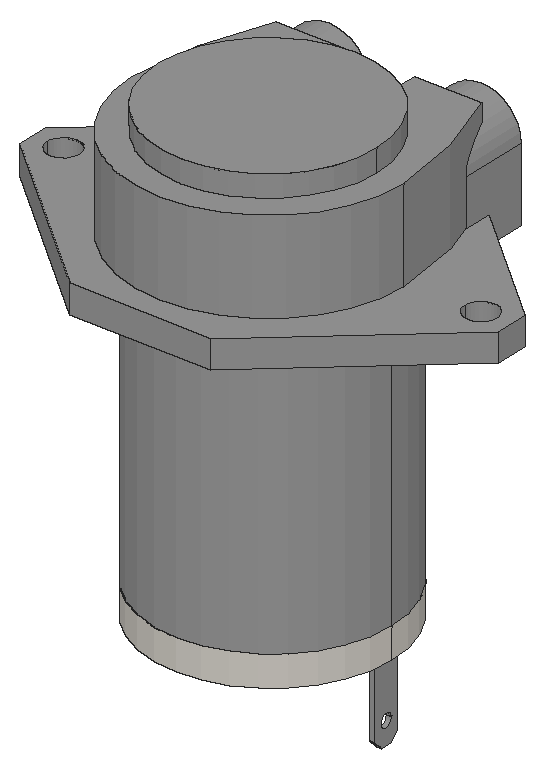
Revit family "pump2", category Generic Models, Revit 2022
Family settings
  Can host rebar = No
  Round Connector Dimension = Use Diameter
  Part Type = Normal
  Work Plane-Based = No
  Always vertical = Yes
  Cut with Voids When Loaded = No
  Maintain Annotation Orientation = No
  Shared = No
  Room Calculation Point = No
Parameters
  Default Elevation = 0' - 0"
Reference planes (in)
  plane 1 "Center (Front/Back)": y = 0
  plane 2: z = 2.46312
  plane 3 "Center (Left/Right)": x = 0
Forms (in)
  Extrusion 1, solid, material "Matte Black Plastic"
    sketch origin (-0.05063, 0.06542, 2.46312) x (1, 0, 0) y (0, 1, 0)
      loop
        circle (0, 1.25) r 0.5
    from 0 to 0.10156
  Extrusion 2, solid, material "Matte Black Plastic"
    sketch origin (-25.14218, 8.63609, 2.46313) x (0, 1, 0) y (1, 0, 0)
      loop
        arc (-7.32067, 25.71655) -> (-7.94567, 25.09155) -> (-7.32067, 24.46655) r 0.625
        arc (-7.32067, 24.46655) -> (-6.99483, 24.50979) -> (-6.68395, 24.61655) r 1.65545
        line (-6.68395, 24.61655) -> (-6.68395, 24.92655) -> (-6.82067, 24.92655) -> (-6.82067, 25.25655) -> (-6.68395, 25.25655) -> (-6.68395, 25.56655)
        arc (-6.68395, 25.56655) -> (-6.99483, 25.67331) -> (-7.32067, 25.71655) r 1.65545
    from 0 to 0.55078
  Extrusion 3, solid, material "Matte Black Plastic"
    sketch origin (0.42437, 1.95214, 2.46313) x (-1, 0, 0) y (0, 0, 1)
      loop
        line (0.64, -0.55078) -> (1.01, -0.55078) -> (1.01, -0.21078)
        arc (1.01, -0.21078) -> (0.825, -0.02578) -> (0.64, -0.21078) r 0.185
        line (0.64, -0.21078) -> (0.64, -0.55078)
      loop
        line (0.31, -0.55078) -> (0.31, -0.21078)
        arc (0.31, -0.21078) -> (0.125, -0.02578) -> (-0.06, -0.21078) r 0.185
        line (-0.06, -0.21078) -> (-0.06, -0.55078) -> (0.31, -0.55078)
    from -0.162 to 0.14844
  Extrusion 4, solid, material "Matte Black Plastic"
    sketch origin (-25.14218, 8.63609, 1.91234) x (0, 1, 0) y (-1, 0, 0)
      loop
        line (-8.05551, -25.41655) -> (-7.37051, -26.19155) -> (-7.22051, -26.19155) -> (-6.53551, -25.41655) -> (-6.53551, -24.76655) -> (-7.22051, -23.99155) -> (-7.37051, -23.99155) -> (-8.05551, -24.76655) -> (-8.05551, -25.41655)
    from 0 to 0.12891
  Extrusion 5, void
    sketch origin (-25.14218, 8.63609, 1.91234) x (0, 1, 0) y (-1, 0, 0)
      loop
        circle (-7.29551, -24.13155) r 0.075
      loop
        circle (-7.29551, -26.05155) r 0.075
    from 0 to 0.19922
  Extrusion 6, solid, material "Bar Code"
    sketch origin (-25.14218, 8.63609, 2.04125) x (0, 1, 0) y (-1, 0, 0)
      loop
        circle (-7.29551, -25.09155) r 0.55
    from -1.17969 to 0.12891
  Extrusion 7, solid, material "Tan Plastic"
    sketch origin (-25.14218, 8.63609, 2.17016) x (0, 1, 0) y (-1, 0, 0)
      loop
        circle (-7.29551, -25.09155) r 0.55
    from 1.15234 to 1.29297
  Extrusion 8, solid, material "Brass"
    sketch origin (1.04937, 1.26558, 1.91234) x (0, 1, 0) y (0, 0, 1)
      loop
        line (0.1375, -1.44922) -> (0.0125, -1.44922) -> (0.0125, -1.77329) -> (0.04999, -1.81078) -> (0.10001, -1.81078) -> (0.1375, -1.77329) -> (0.1375, -1.44922)
      loop
        circle (0.075, -1.70733) r 0.03098
    from -1.63789 to -0.5769
  Extrusion 9, void
    sketch origin (1.04937, 1.40308, 0.30217) x (0, 0, -1) y (1, 0, 0)
      loop
        line (-0.16095, -0.60034) -> (-0.16095, -1.61445) -> (0.20061, -1.61445) -> (0.20061, -0.60034) -> (-0.16095, -0.60034)
    from -0.04325 to 0.1719
  Extrusion 10, solid
    sketch origin (-25.14218, 8.63609, 3.46313) x (0, 1, 0) y (-1, 0, 0)
      loop
        circle (-7.29551, -25.09155) r 0.2
    from 0 to 0.10156
  Extrusion 11, void
    sketch origin (0.42437, 2.10058, 2.46313) x (1, 0, 0) y (0, 0, 1)
      loop
        line (-0.93969, -0.21078) -> (-0.93969, -0.48047) -> (-0.71031, -0.48047) -> (-0.71031, -0.21078)
        arc (-0.71031, -0.21078) -> (-0.825, -0.09609) -> (-0.93969, -0.21078) r 0.11469
      loop
        arc (-0.01031, -0.21078) -> (-0.125, -0.09609) -> (-0.23969, -0.21078) r 0.11469
        line (-0.23969, -0.21078) -> (-0.23969, -0.48047) -> (-0.01031, -0.48047) -> (-0.01031, -0.21078)
    from 0 to 0.10156
  Extrusion 12, solid, material "Matte Black Plastic", not visible
    sketch origin (25.09155, 8.57067, 0) x (1, 0, 0) y (0, 1, 0)
      loop
        circle (-25.09155, -7.32067) r 0.5
    from 0 to 0.10156
  Extrusion 13, solid, material "Matte Black Plastic", not visible
    sketch origin (25.09155, 8.57067, 0.10156) x (1, 0, 0) y (0, 1, 0)
      loop
        arc (-25.71655, -7.32067) -> (-25.09155, -7.94567) -> (-24.46655, -7.32067) r 0.625
        arc (-24.46655, -7.32067) -> (-24.50979, -6.99483) -> (-24.61655, -6.68395) r 1.65545
        line (-24.61655, -6.68395) -> (-24.92655, -6.68395) -> (-24.92655, -6.82067) -> (-25.25655, -6.82067) -> (-25.25655, -6.68395) -> (-25.56655, -6.68395)
        arc (-25.56655, -6.68395) -> (-25.67331, -6.99483) -> (-25.71655, -7.32067) r 1.65545
    from 0 to 0.55078
  Extrusion 14, solid, material "Matte Black Plastic", not visible
    sketch origin (-0.475, 1.88672, 0.10156) x (1, 0, 0) y (0, 0, -1)
      loop
        line (0.64, -0.55078) -> (1.01, -0.55078) -> (1.01, -0.21078)
        arc (1.01, -0.21078) -> (0.825, -0.02578) -> (0.64, -0.21078) r 0.185
        line (0.64, -0.21078) -> (0.64, -0.55078)
      loop
        line (0.31, -0.55078) -> (0.31, -0.21078)
        arc (0.31, -0.21078) -> (0.125, -0.02578) -> (-0.06, -0.21078) r 0.185
        line (-0.06, -0.21078) -> (-0.06, -0.55078) -> (0.31, -0.55078)
    from -0.162 to 0.14844
  Extrusion 15, solid, material "Matte Black Plastic", not visible
    sketch origin (25.09155, 8.57067, 0.65234) x (1, 0, 0) y (0, 1, 0)
      loop
        line (-25.41655, -8.05551) -> (-24.76655, -8.05551) -> (-23.99155, -7.37051) -> (-23.99155, -7.22051) -> (-24.76655, -6.53551) -> (-25.41655, -6.53551) -> (-26.19155, -7.22051) -> (-26.19155, -7.37051) -> (-25.41655, -8.05551)
    from 0 to 0.12891
  Extrusion 16, void, not visible
    sketch origin (25.09155, 8.57067, 0.65234) x (1, 0, 0) y (0, 1, 0)
      loop
        circle (-24.13155, -7.29551) r 0.075
      loop
        circle (-26.05155, -7.29551) r 0.075
    from 0 to 0.19922
  Extrusion 17, solid, material "Bar Code", not visible
    sketch origin (25.09155, 8.57067, 0.78125) x (1, 0, 0) y (0, 1, 0)
      loop
        circle (-25.09155, -7.29551) r 0.55
    from 0 to 1.30078
  Extrusion 18, solid, material "Tan Plastic", not visible
    sketch origin (25.09155, 8.57067, 2.08203) x (1, 0, 0) y (0, 1, 0)
      loop
        circle (-25.09155, -7.29551) r 0.55
    from 0 to 0.12109
  Extrusion 19, solid, material "Brass", not visible
    sketch origin (-1.1, 1.20016, 0.65234) x (0, 1, 0) y (0, 0, -1)
      loop
        line (0.1375, -1.55078) -> (0.0125, -1.55078) -> (0.0125, -1.77329) -> (0.04999, -1.81078) -> (0.10001, -1.81078) -> (0.1375, -1.77329) -> (0.1375, -1.55078)
      loop
        circle (0.075, -1.75112) r 0.03098
    from -1.63789 to -0.5769
  Extrusion 20, void, not visible
    sketch origin (-1.1, 1.33766, 2.26252) x (0, 0, 1) y (-1, 0, 0)
      loop
        line (-0.05939, -0.60034) -> (-0.05939, -1.61445) -> (0.20061, -1.61445) -> (0.20061, -0.60034) -> (-0.05939, -0.60034)
    from -0.04325 to 0.1719
  Extrusion 21, solid, not visible
    sketch origin (25.09155, 8.57067, 2.20312) x (1, 0, 0) y (0, 1, 0)
      loop
        circle (-25.09155, -7.29551) r 0.2
    from 0 to 0.10156
  Extrusion 22, void, not visible
    sketch origin (-0.475, 2.03516, 0.10156) x (-1, 0, 0) y (0, 0, -1)
      loop
        line (-0.93969, -0.21078) -> (-0.93969, -0.48047) -> (-0.71031, -0.48047) -> (-0.71031, -0.21078)
        arc (-0.71031, -0.21078) -> (-0.825, -0.09609) -> (-0.93969, -0.21078) r 0.11469
      loop
        arc (-0.01031, -0.21078) -> (-0.125, -0.09609) -> (-0.23969, -0.21078) r 0.11469
        line (-0.23969, -0.21078) -> (-0.23969, -0.48047) -> (-0.01031, -0.48047) -> (-0.01031, -0.21078)
    from 0 to 0.10156
Cuts and joins
  Extrusion 5 cuts Extrusion 4
  Extrusion 9 cuts Extrusion 7
  Extrusion 9 cuts Extrusion 8
  Extrusion 11 cuts Extrusion 3
Dimensions and locks (in)
  aligned and locked: plane 2 to level
